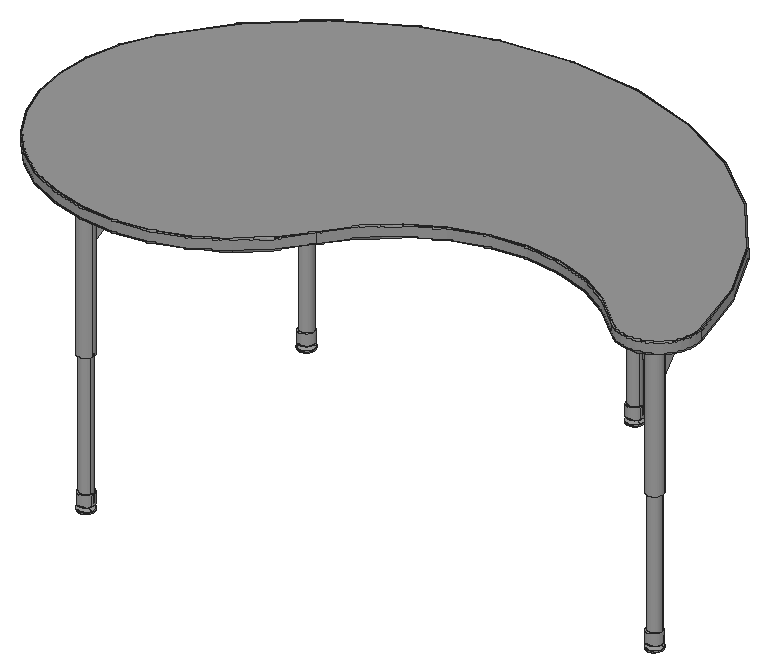
Revit family "Hierarchy Equity Table", category Furniture, Revit 2018
Family settings
  Work Plane-Based = No
  Always vertical = Yes
  Cut with Voids When Loaded = No
  Shared = No
  Room Calculation Point = No
Parameters
  Table Height = 2' - 5"
  Surface = Hierarchy Equity Table Surface
  Leg Finish = Hierarchy Leg Platinum
  Edgeband = Hierarchy Equity Table Edgeband
  Caster/Glide = Hierarchy Leg - Glide : Hierarchy Leg - Glide
Reference planes (in)
  plane 1 "Center (Front/Back)": y = 0
  plane 2: z = 0
  plane 3 "Center (Left/Right)": x = 0
  plane 4: z = 29
Dimensions and locks (in)
  "Table Height": plane 4 to level
  aligned and locked: plane 2 to level
  aligned and locked: nested 5 to plane 4
Nested families (in)
  nested 1: "Hierarchy Leg - Glide" at (-19.10539, -15.66526, 0) x (-0.975, 0.2222, 0) z (0, 0, 1), type <- "Caster/Glide", Leg Finish <- "Leg Finish", Leg Height <- "Table Height", type "Hierarchy Leg - Glide"
  nested 2: "Hierarchy Leg - Glide" at (32.40686, -4.49512, 0) x (-0.8847, -0.4663, 0) z (0, 0, 1), Leg Finish <- "Leg Finish", Leg Height <- "Table Height", type "Hierarchy Leg - Glide"
    with Leg Height 2' - 5", Leg Finish Hierarchy Leg Platinum
  nested 3: "Hierarchy Leg - Glide" at (-21.90304, 17.12407, 0) x (-0.765, -0.644, 0) z (0, 0, 1), type <- "Caster/Glide", Leg Finish <- "Leg Finish", Leg Height <- "Table Height", type "Hierarchy Leg - Glide"
  nested 4: "Hierarchy Leg - Glide" at (7.20758, 24.37486, 0) x (-0.9778, 0.2096, 0) z (0, 0, 1), Leg Finish <- "Leg Finish", Leg Height <- "Table Height", type "Hierarchy Leg - Glide"
    with Leg Height 2' - 5", Leg Finish Hierarchy Leg Platinum
  nested 5: "Hierarchy Equity Tabletop" at (0, 0, 5.075), type "Hierarchy Equity Tabletop"
Definition of nested family "Hierarchy Leg - Glide"
  Parameters (values of type "Hierarchy Leg - Glide")
    Leg Finish [instance] = none
    Leg Height [instance] = 2' - 5"
  Reference planes (in)
    plane 1 "Center (Front/Back)": y = 0
    plane 2: z = 0
    plane 3 "Center (Left/Right)": x = 0
  Forms (in)
    Extrusion 1, solid
      sketch origin (-0.01562, 0, 0) x (1, 0, 0) y (0, 1, 0)
        loop
          circle (0.01563, 0) r 0.67016
      from 0.67618 to 16.17618
    Revolve 2, solid
      sketch origin (0, 0, 0) x (1, 0, 0) y (0, 0, 1)
        loop
          line (-0.73189, 1.80118) -> (-0.79439, 1.73867) -> (-0.79439, 0.61381) -> (-0.73176, 0.55118) -> (-0.125, 0.55118) -> (-0.125, 0.42618) -> (-0.84656, 0.16241) -> (-0.84656, 0.08994) -> (-0.81359, 0) -> (0, 0) -> (0, 1.80118) -> (-0.73189, 1.80118)
        axis (0, 1.80118) -> (0, 0)
      angle from 0 to 360
  Dimensions and locks (in)
    "Leg Height": nested 1 to level
    aligned and locked: plane 2 to level
  Automatic sketch dimensions
    plane 1 "Center (Front/Back)" to Extrusion 1 sketch curve = 0' - 0"
    Extrusion 1 sketch curve to plane 3 "Center (Left/Right)" = 0' - 0"
    Revolve 2 sketch curve to level = 0' - 0"
    Revolve 2 sketch curve to plane 3 "Center (Left/Right)" = 0' - 0"  (x2)
    Revolve 2 sketch curve to plane 3 "Center (Left/Right)" = 0' - 0 1/8"
    Revolve 2 sketch curve to Revolve 2 sketch curve = 0' - 0.60676"
    Revolve 2 sketch curve to Revolve 2 sketch curve = 0' - 0.73189"
    Revolve 2 sketch curve to Revolve 2 sketch curve = 0' - 0.06263"  (x2)
    Revolve 2 sketch curve to Revolve 2 sketch curve = 0' - 0.08183"
    Revolve 2 sketch curve to Revolve 2 sketch curve = 0' - 0.03297"
    level to Revolve 2 sketch curve = 0' - 0.08994"
    Revolve 2 sketch curve to Revolve 2 sketch curve = 0' - 0.07247"
    level to Revolve 2 sketch curve = 0' - 0.42618"
    Revolve 2 sketch curve to Revolve 2 sketch curve = 0' - 0 1/8"
    Revolve 2 sketch curve to Revolve 2 sketch curve = 0' - 1.12486"
    Revolve 2 sketch curve to Revolve 2 sketch curve = 0' - 0 1/16"
    Revolve 2 sketch curve to level = 2' - 0"
    Revolve 2 sketch curve to Revolve 2 sketch curve = 8' - 4.91764"
    radius of Extrusion 1 sketch curve = 0' - 0.67016"
  Nested families (in)
    nested 1: "Hierarchy Upper Leg 2023" at (0, 0, 1.19783), Shapes Leg Finish <- "Leg Finish", type "Hierarchy Upper Leg 2023"
      with Shapes Leg Finish none
  Definition of nested family "Hierarchy Upper Leg 2023"
    Parameters (values of type "Hierarchy Upper Leg 2023")
      Shapes Leg Finish [instance] = none
    Reference planes (in)
      plane 1 "Center (Front/Back)": y = 0
      plane 2: z = 0
      plane 3 "Center (Left/Right)": x = 0
    Forms (in)
      Extrusion 1, solid, material <- "Shapes Leg Finish"
        sketch origin (0, 0, 0) x (1, 0, 0) y (0, 1, 0)
          loop
            circle (0, 0) r 0.84802
        from 13.67618 to 27.67618
      Extrusion 2, solid, material <- "Shapes Leg Finish"
        sketch origin (0, 0, 0) x (1, 0, 0) y (0, 1, 0)
          loop
            line (-1.70174, 0.19183) -> (-2.88626, -2.26116)
            arc (-2.88626, -2.26116) -> (-2.83993, -3.09822) -> (-2.1063, -3.50394) r 0.86614
            line (-2.1063, -3.50394) -> (2.1063, -3.50394)
            arc (2.1063, -3.50394) -> (2.83993, -3.09822) -> (2.88626, -2.26116) r 0.86614
            line (2.88626, -2.26116) -> (1.70174, 0.19183)
            arc (1.70174, 0.19183) -> (0, 1.25984) -> (-1.70174, 0.19183) r 1.88976
        from 27.67618 to 27.80217
      Extrusion 3, solid, material <- "Shapes Leg Finish"
        sketch origin (-1.48519, 8.66524, 0) x (-0.434844, 0.900506, 0) y (0, 0, 1)
          loop
            line (-9.01425, 27.67618) -> (-11.80952, 27.67618)
            arc (-11.80952, 27.67618) -> (-11.92325, 27.58993) -> (-11.87088, 27.45715) r 0.11811
            arc (-11.87088, 27.45715) -> (-10.39364, 26.29679) -> (-9.23328, 24.81955) r 7.87402
            arc (-9.23328, 24.81955) -> (-9.1005, 24.76717) -> (-9.01425, 24.88091) r 0.11811
            line (-9.01425, 24.88091) -> (-9.01425, 27.67618)
        from -1.94075 to -1.81476
      Extrusion 4, solid, material <- "Shapes Leg Finish"
        sketch origin (1.48519, 8.66524, 0) x (0.434844, 0.900506, 0) y (0, 0, -1)
          loop
            line (-9.01425, -27.67618) -> (-9.01425, -24.88091)
            arc (-9.01425, -24.88091) -> (-9.1005, -24.76717) -> (-9.23328, -24.81955) r 0.11811
            arc (-9.23328, -24.81955) -> (-10.39364, -26.29679) -> (-11.87088, -27.45715) r 7.87402
            arc (-11.87088, -27.45715) -> (-11.92325, -27.58993) -> (-11.80952, -27.67618) r 0.11811
            line (-11.80952, -27.67618) -> (-9.01425, -27.67618)
        from -1.94075 to -1.81476
    Dimensions and locks (in)
      aligned and locked: plane 2 to level
Definition of nested family "Hierarchy Equity Tabletop"
  Parameters (values of type "Hierarchy Equity Tabletop")
    Surface = none
    Edgeband = none
  Reference planes (in)
    plane 1 "Center (Front/Back)": y = 0
    plane 2: z = 0
    plane 3 "Center (Left/Right)": x = 0
  Forms (in)
    Extrusion 1, solid, material <- "Surface"
      sketch origin (0, 0, 0) x (1, 0, 0) y (0, 1, 0)
        loop
          arc (35.18901, -1.8985) -> (5.79835, 26.42707) -> (-31.08896, 8.94922) r 35.89844
          arc (-31.08896, 8.94922) -> (-24.53768, -15.5005) -> (-0.08796, -8.94922) r 17.89844
          arc (-0.08796, -8.94922) -> (13.35525, -0.03672) -> (28.57152, -5.38625) r 18.10156
          arc (28.57152, -5.38625) -> (33.18528, -6.11845) -> (35.18901, -1.8985) r 3.89844
      from 23.925 to 25.125
    Sweep 2, solid, material <- "Edgeband"
      path origin (0, 0, 0) x (1, 0, 0) y (0, 1, 0)
        loop
          arc (-31.08896, 8.94922) -> (-24.53768, -15.5005) -> (-0.08796, -8.94922) r 17.89844
          arc (-0.08796, -8.94922) -> (13.35525, -0.03672) -> (28.57152, -5.38625) r 18.10156
          arc (28.57152, -5.38625) -> (33.18528, -6.11845) -> (35.18901, -1.8985) r 3.89844
          arc (35.18901, -1.8985) -> (5.79835, 26.42707) -> (-31.08896, 8.94922) r 35.89844
      profile origin (-24.53768, -15.5005, 0) x (0.5, 0.866025, 0) y (0, 0, 1)
        loop
          arc (0, 25.125) -> (-0.07071, 25.09571) -> (-0.1, 25.025) r 0.1
          line (-0.1, 25.025) -> (-0.1, 24.025)
          arc (-0.1, 24.025) -> (-0.07071, 23.95429) -> (0, 23.925) r 0.1
          line (0, 23.925) -> (0, 25.125)
  Dimensions and locks (in)
    aligned and locked: plane 2 to level
